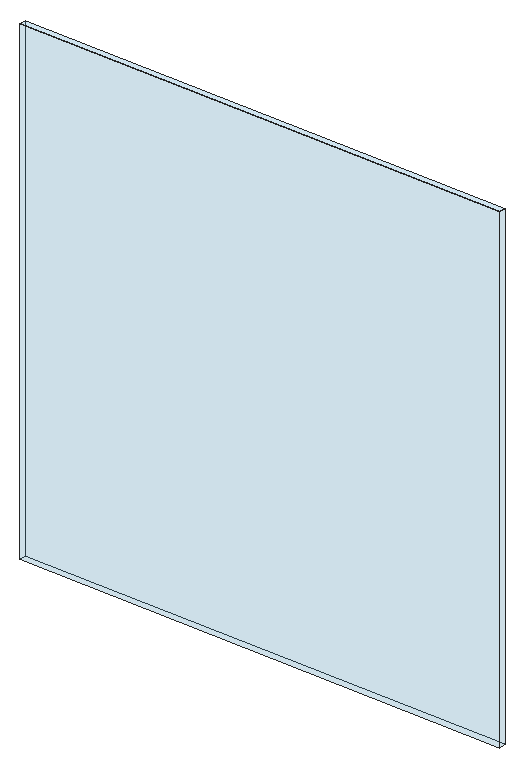
Revit family
Parameters (values of type "72" x 72"")
  Sealant = 0' - 0 3/8"
  Pocket Depth [instance] = 0' - 0 1/2"
  Head Height = Sill Height + Rough Height - Sealant  # 8' - 11 5/8"
  Depth [instance] = 0' - 6"
  Sill Height = 3' - 0"
  Rough Width = 6' - 0"
  Rough Height = 6' - 0"
  Model = "AFG601"
  Material = ""
  Manufacturer = "Arcadia"
  Sightline = 0' - 2 3/8"
  Height = Rough Height - Sealant - Sealant  # 5' - 11 1/4"
  Wall Closure = (empty or 0)
  Width = Rough Width - Sealant - Sealant  # 5' - 11 1/4"
  Glass Thickness [instance] = 0' - 1"
  Offset to Inside Face of Glass [instance] = 0' - 4 1/2"
  Construction Type = "Aluminum"
  Center of Rough Opening [instance] = Rough Width / 2  # 3' - 0"
  Center of Glass [instance] = Glass Thickness / 2  # 0' - 0 1/2"
  Center Wall to Outside Face [instance] = 0' - 2 7/8"
  CSO [instance] = yes
  CSI [instance] = yes
  Assembly Code = ""
Reference planes (in)
  plane 1 "Center (Front/Back)": y = 0
  plane 2: z = 0
  plane 3 "Center (Left/Right)": x = 12
  plane 4 "Rough Opening Bottom": z = 36
  plane 5 "Rough Opening Top": z = 108
  plane 6 "Exterior Face": y = 5.5
  plane 7 "Frame Top": z = 105.625
  plane 8 "Frame Bottom": z = 38.375
  plane 9 "Rough Opening Left": x = -24
  plane 10 "Rough Opening Right": x = 48
  plane 11 "Frame Left": x = -21.625
  plane 12 "Frame Right": x = 45.625
  plane 13 "Exterior Glass Edge": y = 4.73644
  plane 14 "Interior Glass Edge": y = 3.73644
  plane 15 "Glass Centerline": y = 4.23644
  plane 16 "Frame Outside": y = 5.23644
  plane 17 "Frame Inside": y = -0.76356
  plane 18: z = 106.125
  plane 19: z = 37.875
  plane 20: x = 46.125
  plane 21: x = -22.125
  plane 22: x = 47.625
  plane 23: x = -23.625
  plane 24: z = 107.625
  plane 25: z = 36.375
Forms (in)
  Extrusion 1, solid, material "Anodize Arcadia AC2 Clear #11", detail levels coarse
    sketch origin (0, 0, 36) x (0, -1, 0) y (1, 0, 0)
      loop
        line (-5.23644, -24) -> (0.76356, -24) -> (0.76356, -21.625) -> (-3.73644, -21.625) -> (-3.73644, -22.125) -> (-4.73644, -22.125) -> (-4.73644, -21.625) -> (-5.23644, -21.625) -> (-5.23644, -24)
    from 0 to 72 <- "Rough Height"
  Extrusion 2, solid, material "Anodize Arcadia AC2 Clear #11", detail levels coarse
    sketch origin (0, 0, 36) x (0, -1, 0) y (1, 0, 0)
      loop
        line (-5.23644, 45.625) -> (-4.73644, 45.625) -> (-4.73644, 46.125) -> (-3.73644, 46.125) -> (-3.73644, 45.625) -> (0.76356, 45.625) -> (0.76356, 48) -> (-5.23644, 48) -> (-5.23644, 45.625)
    from 0 to 72 <- "Rough Height"
  Extrusion 3, solid, material "Glass"
    sketch origin (-0.5, 0, 36) x (0, -1, 0) y (1, 0, 0)
      loop
        line (-4.73644, -21.625) -> (-3.73644, -21.625) -> (-3.73644, 46.625) -> (-4.73644, 46.625) -> (-4.73644, -21.625)
    from 1.875 to 70.125
  Extrusion 4, solid, material "Anodize Arcadia AC2 Clear #11", detail levels coarse
    sketch origin (-24, 0, 0) x (0, 1, 0) y (0, 0, 1)
      loop
        line (-0.76356, 108) -> (-0.76356, 105.625) -> (3.73644, 105.625) -> (3.73644, 106.125) -> (4.73644, 106.125) -> (4.73644, 105.625) -> (5.23644, 105.625) -> (5.23644, 108) -> (-0.76356, 108)
    from 0 to 72 <- "Rough Width"
  Extrusion 5, solid, material "Anodize Arcadia AC2 Clear #11", detail levels coarse
    sketch origin (-24, 0, 0) x (0, 1, 0) y (0, 0, 1)
      loop
        line (5.23644, 38.375) -> (4.73644, 38.375) -> (4.73644, 37.875) -> (3.73644, 37.875) -> (3.73644, 38.375) -> (-0.76356, 38.375) -> (-0.76356, 36) -> (5.23644, 36) -> (5.23644, 38.375)
    from 0 to 72 <- "Rough Width"
  Extrusion 6, void
    sketch origin (0, 0, 36) x (0, -1, 0) y (1, 0, 0)
      loop
        line (-5.5, -24) -> (2.5, -24) -> (2.5, 48) -> (-5.5, 48) -> (-5.5, -24)
    from 0 to 72 <- "Rough Height"
Lines and regions (in)
  symbolic lines, detail levels coarse
    curve 1: line (-24, 5.23644, 0) -> (-21.625, 5.23644, 0)
    curve 2: line (-21.625, 5.23644, 0) -> (-21.625, 4.73644, 0)
    curve 3: line (46.125, 4.73644, 0) -> (-22.125, 4.73644, 0)
    curve 4: line (-22.125, 4.73644, 0) -> (-22.125, 3.73644, 0)
    curve 5: line (-22.125, 3.73644, 0) -> (46.125, 3.73644, 0)
    curve 6: line (-21.625, 3.73644, 0) -> (-21.625, -0.76356, 0)
    curve 7: line (-21.625, -0.76356, 0) -> (-24, -0.76356, 0)
    curve 8: line (-24, -0.76356, 0) -> (-24, 5.23644, 0)
    curve 9: line (48, 5.23644, 0) -> (45.625, 5.23644, 0)
    curve 10: line (45.625, 5.23644, 0) -> (45.625, 4.73644, 0)
    curve 11: line (46.125, 4.73644, 0) -> (46.125, 3.73644, 0)
    curve 12: line (45.625, 3.73644, 0) -> (45.625, -0.76356, 0)
    curve 13: line (45.625, -0.76356, 0) -> (48, -0.76356, 0)
    curve 14: line (48, -0.76356, 0) -> (48, 5.23644, 0)
Text (in)
  text "EXTERIOR" at (-58.6888, 50.90694, 0), in view "Ref. Level"
  text "INTERIOR" at (-58.6888, -37.76638, 0), in view "Ref. Level"
  text "Exterior" at (0, 43.65631, 123.19604), in view "Left"
  text "Exterior" at (0, 18.29385, 125.04747), in view "Right"
Dimensions and locks (in)
  "Rough Height": plane 4 "Rough Opening Bottom" to plane 5 "Rough Opening Top"
  "Sill Height": plane 2 to plane 4 "Rough Opening Bottom"
  "Sightline": plane 7 "Frame Top" to plane 5 "Rough Opening Top"
  "Sightline": plane 4 "Rough Opening Bottom" to plane 8 "Frame Bottom"
  "Rough Width": plane 9 "Rough Opening Left" to plane 10 "Rough Opening Right"
  "Sightline": plane 9 "Rough Opening Left" to plane 11 "Frame Left"
  "Sightline": plane 12 "Frame Right" to plane 10 "Rough Opening Right"
  "Depth": plane 17 "Frame Inside" to plane 16 "Frame Outside"
  "Glass Thickness": plane 13 "Exterior Glass Edge" to plane 14 "Interior Glass Edge"
  "Center of Glass": plane 15 "Glass Centerline" to plane 14 "Interior Glass Edge"
  "Center of Rough Opening": plane 9 "Rough Opening Left" to plane 3 "Center (Left/Right)"
  "Offset to Inside Face of Glass": plane 17 "Frame Inside" to plane 14 "Interior Glass Edge"
  "Pocket Depth": plane 12 "Frame Right" to plane 20
  "Pocket Depth": plane 21 to plane 11 "Frame Left"
  "Pocket Depth": plane 7 "Frame Top" to plane 18
  "Pocket Depth": plane 19 to plane 8 "Frame Bottom"
  "Sealant": plane 9 "Rough Opening Left" to plane 23
  "Sealant": plane 22 to plane 10 "Rough Opening Right"
  "Sealant": plane 4 "Rough Opening Bottom" to plane 25
  "Sealant": plane 24 to plane 5 "Rough Opening Top"
  aligned and locked: plane 6 "Exterior Face" to host wall
  aligned and locked: Extrusion 1 sketch curve to plane 17 "Frame Inside"
  aligned and locked: plane 16 "Frame Outside" to Extrusion 1 sketch curve
  aligned and locked: Extrusion 1 sketch curve to plane 11 "Frame Left"
  aligned and locked: plane 9 "Rough Opening Left" to Extrusion 1 sketch curve
  aligned and locked: plane 12 "Frame Right" to Extrusion 2 sketch curve
  aligned and locked: Extrusion 2 sketch curve to plane 10 "Rough Opening Right"
  aligned and locked: Extrusion 2 sketch curve to plane 17 "Frame Inside"
  aligned and locked: plane 16 "Frame Outside" to Extrusion 2 sketch curve
  aligned and locked: Extrusion 3 sketch curve to plane 13 "Exterior Glass Edge"
  aligned and locked: plane 14 "Interior Glass Edge" to Extrusion 3 sketch curve
  aligned and locked: plane 5 "Rough Opening Top" to Extrusion 4 sketch curve
  aligned and locked: Extrusion 4 sketch curve to plane 7 "Frame Top"
  aligned and locked: Extrusion 4 sketch curve to plane 17 "Frame Inside"
  aligned and locked: plane 16 "Frame Outside" to Extrusion 4 sketch curve
  aligned and locked: Extrusion 5 sketch curve to plane 4 "Rough Opening Bottom"
  aligned and locked: plane 8 "Frame Bottom" to Extrusion 5 sketch curve
  aligned and locked: Extrusion 5 sketch curve to plane 17 "Frame Inside"
  aligned and locked: plane 16 "Frame Outside" to Extrusion 5 sketch curve
  aligned and locked: plane 4 "Rough Opening Bottom" to nested 3
  aligned and locked: nested 2 to plane 5 "Rough Opening Top"
  aligned and locked: plane 19 to Extrusion 3
  aligned and locked: Extrusion 3 to plane 18
  aligned and locked: plane 17 "Frame Inside" to nested 3
  aligned and locked: plane 17 "Frame Inside" to nested 2
  aligned and locked: nested 1 to plane 16 "Frame Outside"
  aligned and locked: plane 10 "Rough Opening Right" to nested 1
  aligned and locked: nested 4 to plane 9 "Rough Opening Left"
  aligned and locked: plane 17 "Frame Inside" to nested 4
  aligned and locked: plane 13 "Exterior Glass Edge" to Extrusion 5 sketch curve
  aligned and locked: Extrusion 5 sketch curve to plane 14 "Interior Glass Edge"
  aligned and locked: plane 19 to Extrusion 5 sketch curve
  aligned and locked: Extrusion 4 sketch curve to plane 13 "Exterior Glass Edge"
  aligned and locked: plane 18 to Extrusion 4 sketch curve
  aligned and locked: plane 14 "Interior Glass Edge" to Extrusion 4 sketch curve
  aligned and locked: plane 14 "Interior Glass Edge" to Extrusion 2 sketch curve
  aligned and locked: Extrusion 2 sketch curve to plane 20
  aligned and locked: Extrusion 2 sketch curve to plane 13 "Exterior Glass Edge"
  aligned and locked: Extrusion 1 sketch curve to plane 14 "Interior Glass Edge"
  aligned and locked: Extrusion 1 sketch curve to plane 21
  aligned and locked: plane 13 "Exterior Glass Edge" to Extrusion 1 sketch curve
  aligned and locked: plane 16 "Frame Outside" to curve 1
  aligned and locked: plane 9 "Rough Opening Left" to curve 8
  aligned and locked: curve 2 to plane 11 "Frame Left"
  aligned and locked: curve 6 to plane 11 "Frame Left"
  aligned and locked: curve 4 to plane 21
  aligned and locked: curve 7 to plane 17 "Frame Inside"
  aligned and locked: curve 5 to plane 14 "Interior Glass Edge"
  aligned and locked: plane 13 "Exterior Glass Edge" to curve 3
  aligned and locked: curve 10 to plane 12 "Frame Right"
  aligned and locked: curve 12 to plane 12 "Frame Right"
  aligned and locked: curve 11 to plane 20
  aligned and locked: plane 10 "Rough Opening Right" to curve 14
  aligned and locked: curve 9 to plane 16 "Frame Outside"
  aligned and locked: plane 17 "Frame Inside" to curve 13
  aligned and locked: plane 9 "Rough Opening Left" to import instance
  aligned and locked: plane 17 "Frame Inside" to import instance  (x2)
  aligned and locked: import instance to plane 9 "Rough Opening Left"
  aligned and locked: plane 10 "Rough Opening Right" to import instance  (x2)
  aligned and locked: import instance to plane 17 "Frame Inside"  (x2)
  aligned and locked: plane 13 "Exterior Glass Edge" to import instance  (x2)
  aligned and locked: plane 5 "Rough Opening Top" to import instance  (x2)
  aligned and locked: import instance to plane 13 "Exterior Glass Edge"  (x2)
  aligned and locked: import instance to plane 4 "Rough Opening Bottom"  (x2)
  aligned and locked: level to plane 2
  aligned and locked: plane 9 "Rough Opening Left" to Extrusion 6 sketch curve
  aligned and locked: plane 6 "Exterior Face" to Extrusion 6 sketch curve
  aligned and locked: host wall to Extrusion 6 sketch curve
  aligned and locked: plane 10 "Rough Opening Right" to Extrusion 6 sketch curve
Automatic sketch dimensions
  Extrusion 3 sketch curve to plane 21 = 0' - 0"
  Extrusion 3 sketch curve to plane 20 = 0' - 0"
  Extrusion 5 sketch curve to plane 8 "Frame Bottom" = 0' - 0"
  Extrusion 4 sketch curve to plane 7 "Frame Top" = 0' - 0"
  Extrusion 2 sketch curve to plane 12 "Frame Right" = 0' - 0"
  Extrusion 1 sketch curve to plane 11 "Frame Left" = 0' - 0"
Nested families (in)
  nested 1: "Window-Arcadia-AFG601-Med-Jamb-R" at (46.9375, 4.23644, 0) x (-1, 0, 0) z (0, 0, 1), type "Window-Arcadia-AFG601-Med-Jamb-R", detail levels medium
    with Sightline 0' - 2 3/8", Pocket Depth 0' - 0 1/2", Offset to Inside Face of Glass 0' - 4 1/2", Glass Width 0' - 1", Frame Wall Thickness 0' - 0 3/32", Depth 0' - 6", Center of Glass 0' - 0 1/2"
  nested 2: "Window-Arcadia-AFG601-Med-Head" at (33.875, 4.23644, 108) x (0, -1, 0) z (1, 0, 0), type "Window-Arcadia-AFG601-Med-Head", detail levels medium
    with Sightline 0' - 2 3/8", Pocket Depth 0' - 0 1/2", Offset to Inside Face of Glass 0' - 4 1/2", Glass Width 0' - 1", Frame Wall Thickness 0' - 0 3/32", Depth 0' - 6", Center of Glass 0' - 0 1/2"
  nested 3: "Window-Arcadia-AFG601-Med-Sill" at (33.875, 4.23644, 36) x (0, -1, 0) z (1, 0, 0), type "Window-Arcadia-AFG601-Med-Sill", detail levels medium
    with Sightline 0' - 2 3/8", Pocket Depth 0' - 0 1/2", Offset to Inside Face of Glass 0' - 4 1/2", Glass Width 0' - 1", Frame Wall Thickness 0' - 0 3/32", Depth 0' - 6", Center of Glass 0' - 0 1/2"
  nested 4: "Window-Arcadia-AFG601-Med-Jamb-L" at (-22.9375, 4.23644, 0) x (-1, 0, 0) z (0, 0, 1), type "Window-Arcadia-AFG601-Med-Jamb-L", detail levels medium
    with Sightline 0' - 2 3/8", Pocket Depth 0' - 0 1/2", Offset to Inside Face of Glass 0' - 4 1/2", Glass Width 0' - 1", Frame Wall Thickness 0' - 0 3/32", Depth 0' - 6", Center of Glass 0' - 0 1/2"
Definition of nested family "Window-Arcadia-AFG601-Med-Jamb-R"
  Parameters (values of type "Window-Arcadia-TC670-Med-Jamb-R")
    Depth [instance] = 0' - 6"
    Pocket Depth [instance] = 0' - 0 3/4"
    Offset to Inside Face of Glass [instance] = 0' - 4"
    Glass Width [instance] = 0' - 1"
    Sightline [instance] = 0' - 2 5/8"
    Center of Glass [instance] = Glass Width / 2  # 0' - 0 1/2"
    Frame Wall Thickness [instance] = 0' - 0 3/32"
    Assembly Code = ""
  Reference planes (in)
    plane 1 "Center (Front/Back)": y = 0
    plane 2: z = 0
    plane 3: x = 1.5625
    plane 4 "back": x = -1.0625
    plane 5: y = 4.5
    plane 6: y = -1.5
    plane 7 "Inside Face of Glass": y = 0.5
    plane 8: y = -0.5
    plane 9: x = 0.8125
  Lines and regions (in)
    detail lines, in view "Ref. Level", detail levels medium
      curve 1: line (-1.0625, 4.5, 0) -> (-1.0625, -1.5, 0)
      curve 2: line (-1.0625, -1.5, 0) -> (1.5625, -1.5, 0)
      curve 3: line (1.5625, -1.5, 0) -> (1.5625, -0.5, 0)
      curve 4: line (1.5625, -0.5, 0) -> (0.8125, -0.5, 0)
      curve 5: line (0.8125, -0.5, 0) -> (0.8125, 0.5, 0)
      curve 6: line (0.8125, 0.5, 0) -> (1.5625, 0.5, 0)
      curve 7: line (1.5625, 0.5, 0) -> (1.5625, 4.5, 0)
      curve 8: line (1.5625, 4.5, 0) -> (-1.0625, 4.5, 0)
      curve 9: line (1.46875, 4.40625, 0) -> (-0.96875, 4.40625, 0)
      curve 10: line (-0.96875, 4.40625, 0) -> (-0.96875, -1.40625, 0)
      curve 11: line (-0.96875, -1.40625, 0) -> (1.46875, -1.40625, 0)
      curve 12: line (1.46875, -1.40625, 0) -> (1.46875, -0.59375, 0)
      curve 13: line (1.46875, -0.59375, 0) -> (0.71875, -0.59375, 0)
      curve 14: line (0.71875, -0.59375, 0) -> (0.71875, 0.59375, 0)
      curve 15: line (0.71875, 0.59375, 0) -> (1.46875, 0.59375, 0)
      curve 16: line (1.46875, 0.59375, 0) -> (1.46875, 4.40625, 0)
      curve 17: line (1.5625, 4.5, 0) -> (-1.0625, 4.5, 0)
      curve 18: line (-1.0625, 4.40625, 0) -> (-1.0625, -1.5, 0)
  Dimensions and locks (in)
    "Sightline": plane 4 "back" to plane 3
    "Depth": plane 5 to plane 6
    "Center of Glass": plane 1 "Center (Front/Back)" to plane 7 "Inside Face of Glass"
    "Glass Width": plane 8 to plane 7 "Inside Face of Glass"
    "Pocket Depth": plane 9 to plane 3
    "Offset to Inside Face of Glass": plane 5 to plane 7 "Inside Face of Glass"
    "Frame Wall Thickness": plane 5 to curve 9
    "Frame Wall Thickness": plane 4 "back" to curve 10
    "Frame Wall Thickness": curve 11 to plane 6
    "Frame Wall Thickness": curve 12 to plane 3
    "Frame Wall Thickness": curve 13 to plane 8
    "Frame Wall Thickness": plane 7 "Inside Face of Glass" to curve 15
    "Frame Wall Thickness": curve 14 to plane 9
    "Frame Wall Thickness": curve 16 to plane 3
    aligned and locked: plane 5 to curve 8
    aligned and locked: curve 1 to plane 4 "back"
    aligned and locked: curve 2 to plane 6
    aligned and locked: plane 3 to curve 3
    aligned and locked: curve 4 to plane 8
    aligned and locked: plane 9 to curve 5
    aligned and locked: plane 7 "Inside Face of Glass" to curve 6
    aligned and locked: plane 3 to curve 7
  Automatic sketch dimensions
    curve 18 to curve 9 = 0' - 0"
Definition of nested family "Window-Arcadia-AFG601-Med-Head"
  Parameters (values of type "Window-Arcadia-A400-Med-Head")
    Depth [instance] = 0' - 6"
    Pocket Depth [instance] = 0' - 0 1/2"
    Offset to Inside Face of Glass [instance] = 0' - 4"
    Glass Width [instance] = 0' - 1"
    Sightline [instance] = 0' - 2 5/8"
    Center of Glass [instance] = Glass Width / 2  # 0' - 0 1/2"
    Frame Wall Thickness [instance] = 0' - 0 3/32"
    Assembly Code = ""
  Reference planes (in)
    plane 1 "Center (Front/Back)": y = 0
    plane 2: z = 0
    plane 3 "Center (Left/Right)": x = 0
    plane 4: x = -0.5
    plane 5 "Inside Face of Glass": x = 0.5
    plane 6: y = -2.625
    plane 7: x = 4.5
    plane 8: x = -1.5
    plane 9: y = -2.125
  Lines and regions (in)
    detail lines, in view "Ref. Level", detail levels medium
      curve 1: line (-1.5, 0, 0) -> (-1.5, -2.625, 0)
      curve 2: line (-1.5, -2.625, 0) -> (-0.5, -2.625, 0)
      curve 3: line (-0.5, -2.625, 0) -> (-0.5, -2.125, 0)
      curve 4: line (-0.5, -2.125, 0) -> (0.5, -2.125, 0)
      curve 5: line (0.5, -2.125, 0) -> (0.5, -2.625, 0)
      curve 6: line (0.5, -2.625, 0) -> (4.5, -2.625, 0)
      curve 7: line (4.5, -2.625, 0) -> (4.5, 0, 0)
      curve 8: line (4.5, 0, 0) -> (-1.5, 0, 0)
      curve 9: line (-1.40625, -0.09375, 0) -> (-1.40625, -2.53125, 0)
      curve 10: line (4.40625, -0.09375, 0) -> (-1.40625, -0.09375, 0)
      curve 11: line (4.40625, -2.53125, 0) -> (4.40625, -0.09375, 0)
      curve 12: line (0.59375, -2.53125, 0) -> (4.40625, -2.53125, 0)
      curve 13: line (-1.40625, -2.53125, 0) -> (-0.59375, -2.53125, 0)
      curve 14: line (-0.59375, -2.53125, 0) -> (-0.59375, -2.03125, 0)
      curve 15: line (-0.59375, -2.03125, 0) -> (0.59375, -2.03125, 0)
      curve 16: line (0.59375, -2.03125, 0) -> (0.59375, -2.53125, 0)
  Dimensions and locks (in)
    "Sightline": plane 6 to plane 1 "Center (Front/Back)"
    "Depth": plane 8 to plane 7
    "Pocket Depth": plane 6 to plane 9
    "Offset to Inside Face of Glass": plane 5 "Inside Face of Glass" to plane 7
    "Glass Width": plane 4 to plane 5 "Inside Face of Glass"
    "Center of Glass": plane 3 "Center (Left/Right)" to plane 5 "Inside Face of Glass"
    "Frame Wall Thickness": plane 8 to curve 9
    "Frame Wall Thickness": curve 10 to plane 1 "Center (Front/Back)"
    "Frame Wall Thickness": curve 11 to plane 7
    "Frame Wall Thickness": plane 6 to curve 12
    "Frame Wall Thickness": plane 6 to curve 13
    "Frame Wall Thickness": plane 9 to curve 15
    "Frame Wall Thickness": plane 5 "Inside Face of Glass" to curve 16
    "Frame Wall Thickness": curve 14 to plane 4
    aligned and locked: curve 8 to plane 1 "Center (Front/Back)"
    aligned and locked: plane 7 to curve 7
    aligned and locked: curve 1 to plane 8
    aligned and locked: plane 9 to curve 4
    aligned and locked: plane 4 to curve 3
    aligned and locked: plane 6 to curve 2
    aligned and locked: plane 6 to curve 6
  Automatic sketch dimensions
    curve 5 to plane 5 "Inside Face of Glass" = 0' - 0"
Definition of nested family "Window-Arcadia-AFG601-Med-Sill"
  Parameters (values of type "Window-Arcadia-A400-Med-Sill")
    Depth [instance] = 0' - 6"
    Pocket Depth [instance] = 0' - 0 1/2"
    Offset to Inside Face of Glass [instance] = 0' - 4"
    Glass Width [instance] = 0' - 1"
    Sightline [instance] = 0' - 2 5/8"
    Center of Glass [instance] = Glass Width / 2  # 0' - 0 1/2"
    Frame Wall Thickness [instance] = 0' - 0 3/32"
    Assembly Code = ""
  Reference planes (in)
    plane 1 "Center (Front/Back)": y = 0
    plane 2: z = 0
    plane 3 "Center (Left/Right)": x = 0
    plane 4: x = -0.5
    plane 5 "Inside Face of Glass": x = 0.5
    plane 6: y = 2.625
    plane 7: x = 4.5
    plane 8: x = -1.5
    plane 9: y = 2.125
  Lines and regions (in)
    detail lines, in view "Ref. Level", detail levels medium
      curve 1: line (-1.5, 2.625, 0) -> (-1.5, 0, 0)
      curve 2: line (-1.5, 0, 0) -> (4.5, 0, 0)
      curve 3: line (4.5, 0, 0) -> (4.5, 2.625, 0)
      curve 4: line (4.5, 2.625, 0) -> (0.5, 2.625, 0)
      curve 5: line (0.5, 2.625, 0) -> (0.5, 2.125, 0)
      curve 6: line (0.5, 2.125, 0) -> (-0.5, 2.125, 0)
      curve 7: line (-0.5, 2.125, 0) -> (-0.5, 2.625, 0)
      curve 8: line (-0.5, 2.625, 0) -> (-1.5, 2.625, 0)
      curve 9: line (-0.59375, 2.53125, 0) -> (-1.40625, 2.53125, 0)
      curve 10: line (-1.40625, 2.53125, 0) -> (-1.40625, 0.09375, 0)
      curve 11: line (-1.40625, 0.09375, 0) -> (4.40625, 0.09375, 0)
      curve 12: line (4.40625, 0.09375, 0) -> (4.40625, 2.53125, 0)
      curve 13: line (4.40625, 2.53125, 0) -> (0.59375, 2.53125, 0)
      curve 14: line (0.59375, 2.53125, 0) -> (0.59375, 2.03125, 0)
      curve 15: line (0.59375, 2.03125, 0) -> (-0.59375, 2.03125, 0)
      curve 16: line (-0.59375, 2.03125, 0) -> (-0.59375, 2.53125, 0)
  Dimensions and locks (in)
    "Pocket Depth": plane 9 to plane 6
    "Sightline": plane 1 "Center (Front/Back)" to plane 6
    "Depth": plane 8 to plane 7
    "Offset to Inside Face of Glass": plane 5 "Inside Face of Glass" to plane 7
    "Glass Width": plane 4 to plane 5 "Inside Face of Glass"
    "Center of Glass": plane 3 "Center (Left/Right)" to plane 5 "Inside Face of Glass"
    "Frame Wall Thickness": curve 9 to plane 6
    "Frame Wall Thickness": plane 8 to curve 10
    "Frame Wall Thickness": plane 1 "Center (Front/Back)" to curve 11
    "Frame Wall Thickness": curve 12 to plane 7
    "Frame Wall Thickness": curve 13 to plane 6
    "Frame Wall Thickness": plane 5 "Inside Face of Glass" to curve 14
    "Frame Wall Thickness": curve 15 to plane 9
    "Frame Wall Thickness": curve 16 to plane 4
    aligned and locked: plane 1 "Center (Front/Back)" to curve 2
    aligned and locked: plane 7 to curve 3
    aligned and locked: curve 1 to plane 8
    aligned and locked: curve 8 to plane 6
    aligned and locked: curve 4 to plane 6
    aligned and locked: curve 6 to plane 9
    aligned and locked: curve 5 to plane 5 "Inside Face of Glass"
    aligned and locked: plane 4 to curve 7
  Automatic sketch dimensions
    curve 7 to plane 9 = 0' - 0"
Definition of nested family "Window-Arcadia-AFG601-Med-Jamb-L"
  Parameters (values of type "Window-Arcadia-TC670-Med-Jamb-L")
    Depth [instance] = 0' - 6"
    Pocket Depth [instance] = 0' - 0 1/2"
    Offset to Inside Face of Glass [instance] = 0' - 4"
    Glass Width [instance] = 0' - 1"
    Sightline [instance] = 0' - 2 1/8"
    Center of Glass [instance] = Glass Width / 2  # 0' - 0 1/2"
    Frame Wall Thickness [instance] = 0' - 0 3/32"
    Assembly Code = ""
  Reference planes (in)
    plane 1 "Center (Front/Back)": y = 0
    plane 2: z = 0
    plane 3 "BACK": x = 1.0625
    plane 4 "FRONT": x = -1.0625
    plane 5: y = 1.5
    plane 6: y = -4.5
    plane 7 "Inside Face of Glass": y = 0.5
    plane 8: y = -0.5
    plane 9: x = -0.5625
  Lines and regions (in)
    detail lines, in view "Ref. Level", detail levels medium
      curve 1: line (1.0625, 1.5, 0) -> (1.0625, -4.5, 0)
      curve 2: line (1.0625, -4.5, 0) -> (-1.0625, -4.5, 0)
      curve 3: line (-1.0625, -4.5, 0) -> (-1.0625, -0.5, 0)
      curve 4: line (-1.0625, -0.5, 0) -> (-0.5625, -0.5, 0)
      curve 5: line (-0.5625, -0.5, 0) -> (-0.5625, 0.5, 0)
      curve 6: line (-0.5625, 0.5, 0) -> (-1.0625, 0.5, 0)
      curve 7: line (-1.0625, 0.5, 0) -> (-1.0625, 1.5, 0)
      curve 8: line (-1.0625, 1.5, 0) -> (1.0625, 1.5, 0)
      curve 9: line (-0.96875, 1.40625, 0) -> (0.96875, 1.40625, 0)
      curve 10: line (-0.96875, 0.59375, 0) -> (-0.96875, 1.40625, 0)
      curve 11: line (-0.46875, 0.59375, 0) -> (-0.96875, 0.59375, 0)
      curve 12: line (-0.46875, -0.59375, 0) -> (-0.46875, 0.59375, 0)
      curve 13: line (-0.96875, -0.59375, 0) -> (-0.46875, -0.59375, 0)
      curve 14: line (-0.96875, -4.40625, 0) -> (-0.96875, -0.59375, 0)
      curve 15: line (0.96875, -4.40625, 0) -> (-0.96875, -4.40625, 0)
      curve 16: line (0.96875, 1.40625, 0) -> (0.96875, -4.40625, 0)
  Dimensions and locks (in)
    "Depth": plane 5 to plane 6
    "Pocket Depth": plane 4 "FRONT" to plane 9
    "Sightline": plane 4 "FRONT" to plane 3 "BACK"
    "Glass Width": plane 8 to plane 7 "Inside Face of Glass"
    "Center of Glass": plane 1 "Center (Front/Back)" to plane 7 "Inside Face of Glass"
    "Frame Wall Thickness": plane 4 "FRONT" to curve 10
    "Frame Wall Thickness": plane 5 to curve 9
    "Frame Wall Thickness": curve 15 to plane 6
    "Frame Wall Thickness": curve 13 to plane 8
    "Frame Wall Thickness": plane 9 to curve 12
    "Frame Wall Thickness": plane 7 "Inside Face of Glass" to curve 11
    "Frame Wall Thickness": plane 4 "FRONT" to curve 14
    "Offset to Inside Face of Glass": plane 6 to plane 8
    aligned and locked: curve 8 to plane 5
    aligned and locked: curve 1 to plane 3 "BACK"
    aligned and locked: plane 6 to curve 2
    aligned and locked: curve 3 to plane 4 "FRONT"
    aligned and locked: plane 8 to curve 4
    aligned and locked: plane 9 to curve 5
    aligned and locked: curve 6 to plane 7 "Inside Face of Glass"
    aligned and locked: plane 4 "FRONT" to curve 7
  Automatic sketch dimensions
    curve 16 to plane 3 "BACK" = 0' - 0 3/32"
